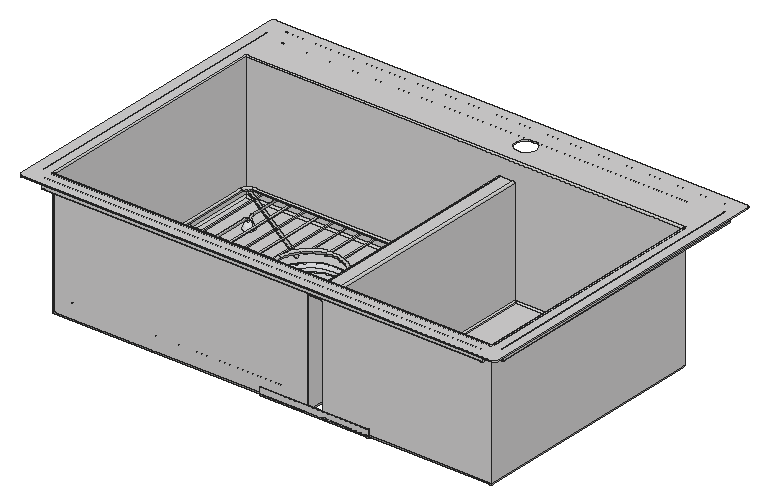
Revit family "Sink-Kitchen-KOHLER-Vault-K-3823_1", category Plumbing Fixtures, host Face, Revit 2015 (continued)
Definition of nested family "K-3823"
  Lines and regions (in)
    sketch lines
      curve 4: line (-15.25, -9.75, 0.0625) -> (-15.25, 7.05, 0.0625)
    symbolic lines, detail levels medium+fine
      curve 5: line (-15.25, 0, 0) -> (15.25, 0, 0)
      curve 6: line (-14.99722, 0, -8.68103) -> (-0.8125, 0, -8.68103)
      curve 7: line (7.0993, 0, -8.99685) -> (11.5247, 0, -8.99685)
      curve 8: line (-8.58777, 0, -8.997) -> (-4.16612, 0, -8.997)
      curve 9: line (6.6875, 0, -8.117) -> (3.452, 0, -8.117)
      curve 10: line (-0.8125, 0, -8.117) -> (-0.8125, 0, -8.74238)
      curve 11: line (-0.8125, 0, -8.74238) -> (0.97708, 0, -8.74238)
      curve 12: line (6.6875, 0, -8.74238) -> (6.6875, 0, -8.117)
      curve 13: line (4.56295, 0, -8.74238) -> (6.6875, 0, -8.74238)
      curve 14: line (6.6875, 0, -8.68103) -> (14.99722, 0, -8.68103)
      curve 15: line (-15.17289, 0, -0.6022) -> (15.17372, 0, -0.6022)
      curve 16: line (15.25, 0, -0.1975) -> (-15.25, 0, -0.1975)
      curve 17: line (0, -0.7097, -8.997) -> (0, 3.7097, -8.997)
      curve 18: line (0, 6.973, -0.6022) -> (0, -9.673, -0.6022)
      curve 19: line (0, -9.75, -0.18003) -> (0, 9.77489, -0.18003)
      curve 20: line (0, 6.92692, -8.63285) -> (0, -9.62989, -8.63285)
      curve 21: circle (9.312, 1.49681, 0) r 2.21216 normal (0, 0, -1)
      curve 22: circle (9.312, 1.49681, 0) r 1.81518 normal (0, 0, -1)
      curve 23: line (10.33898, -0.45681, 0) -> (15.12924, -9.6242, 0)
      curve 24: line (8.28827, -0.45799, 0) -> (3.499, -9.6242, 0)
      curve 25: line (10.92438, 3.01136, 0) -> (15.12924, 6.9375, 0)
      curve 26: line (3.499, 6.9375, 0) -> (7.70008, 3.01185, 0)
      curve 27: line (15.12924, 6.9375, 0) -> (3.499, 6.9375, 0)
      curve 28: line (15.12924, -9.6242, 0) -> (15.12924, 6.9375, 0)
      curve 29: line (3.499, -9.6242, 0) -> (15.12924, -9.6242, 0)
      curve 30: line (3.499, 6.9375, 0) -> (3.499, -9.6242, 0)
      curve 31: line (2.37467, 6.9375, 0) -> (-15.12332, 6.9375, 0)
      curve 32: line (2.37467, -9.62331, 0) -> (2.37467, 6.9375, 0)
      curve 33: line (-15.12332, -9.62331, 0) -> (2.37467, -9.62331, 0)
      curve 34: line (-15.12332, 6.9375, 0) -> (-15.12332, -9.62331, 0)
      curve 35: circle (-6.3755, 1.49681, 0) r 1.81518 normal (0, 0, -1)
      curve 36: line (-14.07543, 6.41981, 0) -> (1.32364, 6.41981, 0)
      curve 37: line (-14.6504, -8.56237, 0) -> (-14.6504, 5.84483, 0)
      curve 38: line (1.32364, -9.13659, 0) -> (-14.07618, -9.13659, 0)
      curve 39: line (1.89786, 5.84559, 0) -> (1.89786, -8.56237, 0)
      curve 40: arc (-14.6504, 5.84483, 0) -> (-14.482, 6.2514, 0) -> (-14.07543, 6.41981, 0) r 0.57498
      curve 41: arc (1.32364, 6.41981, 0) -> (1.72967, 6.25162, 0) -> (1.89786, 5.84559, 0) r 0.57422
      curve 42: arc (1.89786, -8.56237, 0) -> (1.72967, -8.96841, 0) -> (1.32364, -9.13659, 0) r 0.57422
      curve 43: arc (-14.07618, -9.13659, 0) -> (-14.48222, -8.96841, 0) -> (-14.6504, -8.56237, 0) r 0.57422
      curve 44: line (2.08927, 5.84559, 0) -> (2.08927, -8.56237, 0)
      curve 45: arc (1.32364, 6.61121, 0) -> (1.86502, 6.38697, 0) -> (2.08927, 5.84559, 0) r 0.76563
      curve 46: line (-14.07543, 6.61121, 0) -> (1.32364, 6.61121, 0)
      curve 47: arc (-14.84181, 5.84483, 0) -> (-14.61734, 6.38674, 0) -> (-14.07543, 6.61121, 0) r 0.76638
      curve 48: line (-14.84181, -8.56237, 0) -> (-14.84181, 5.84483, 0)
      curve 49: arc (-14.07618, -9.328, 0) -> (-14.61756, -9.10375, 0) -> (-14.84181, -8.56237, 0) r 0.76563
      curve 50: line (1.32364, -9.328, 0) -> (-14.07618, -9.328, 0)
      curve 51: arc (2.08927, -8.56237, 0) -> (1.86502, -9.10375, 0) -> (1.32364, -9.328, 0) r 0.76563
      curve 52: line (1.01952, 6.41981, 0) -> (1.01952, -9.13659, 0)
      curve 53: line (0.9205, -9.13659, 0) -> (0.9205, 6.41981, 0)
      curve 54: line (0.0486, 6.41981, 0) -> (0.0486, 4.34003, 0)
      curve 55: line (-0.05043, -9.13659, 0) -> (-0.05043, -8.5508, 0)
      curve 56: line (-0.92875, 6.41981, 0) -> (-0.92875, -9.13659, 0)
      curve 57: line (-1.02778, -9.13659, 0) -> (-1.02778, 6.41981, 0)
      curve 58: line (-1.91362, 6.41981, 0) -> (-1.91362, -9.13659, 0)
      curve 59: line (-2.01264, -9.13659, 0) -> (-2.01264, 6.41981, 0)
      curve 60: line (-2.88979, 6.41981, 0) -> (-2.88979, -9.13659, 0)
      curve 61: line (-2.98882, -9.13659, 0) -> (-2.98882, 6.41981, 0)
      curve 62: line (-3.87389, 6.41981, 0) -> (-3.87389, -9.13659, 0)
      curve 63: line (-3.97292, -9.13659, 0) -> (-3.97292, 6.41981, 0)
      curve 64: line (-4.85075, 6.41981, 0) -> (-4.85075, 2.97686, 0)
      curve 65: line (-4.94978, -9.13659, 0) -> (-4.94978, -0.07534, 0)
      curve 66: line (-5.83437, 6.41981, 0) -> (-5.83437, 3.55849, 0)
      curve 67: line (-5.93339, -9.13659, 0) -> (-5.93339, -0.58453, 0)
      curve 68: line (-13.76952, 6.41981, 0) -> (-13.76952, -9.13659, 0)
      curve 69: line (-13.6705, -9.13659, 0) -> (-13.6705, 6.41981, 0)
      curve 70: line (-11.82125, 6.41981, 0) -> (-11.82125, -9.13659, 0)
      curve 71: line (-11.72222, -9.13659, 0) -> (-11.72222, 6.41981, 0)
      curve 72: line (-10.83638, 6.41981, 0) -> (-10.83638, -9.13659, 0)
      curve 73: line (-10.73736, -9.13659, 0) -> (-10.73736, 6.41981, 0)
      curve 74: line (-9.86021, 6.41981, 0) -> (-9.86021, -9.13659, 0)
      curve 75: line (-9.76118, -9.13659, 0) -> (-9.76118, 6.41981, 0)
      curve 76: line (-8.87611, 6.41981, 0) -> (-8.87611, -9.13659, 0)
      curve 77: line (-8.77708, -9.13659, 0) -> (-8.77708, 6.41981, 0)
      curve 78: line (-7.90381, 6.41981, 0) -> (-7.90381, 3.00093, 0)
      curve 79: line (-7.80022, -9.13659, 0) -> (-7.80022, -0.10052, 0)
      curve 80: line (-6.85946, 6.41981, 0) -> (-6.85946, 3.57904, 0)
      curve 81: line (-6.82541, -9.13659, 0) -> (-6.82541, -0.58837, 0)
      curve 82: arc (-6.85946, 3.57904, 0) -> (-8.52244, 1.48161, 0) -> (-6.82541, -0.58837, 0) r 2.13228
      curve 83: circle (-6.375, 1.5, 0) r 1.946 normal (0, 0, 1)
      curve 84: line (-4.94978, 3.07342, 0) -> (-4.94978, 6.41981, 0)
      curve 85: line (-5.93339, 3.58261, 0) -> (-5.93339, 6.41981, 0)
      curve 86: line (-7.80022, 3.09858, 0) -> (-7.80022, 6.41981, 0)
      curve 87: line (-4.86048, 0.01117, 0) -> (-4.86048, -9.13659, 0)
      curve 88: line (-5.83437, -0.56041, 0) -> (-5.83437, -9.13659, 0)
      curve 89: arc (-6.82541, -0.58837, 0) -> (-4.2558, 1.51647, 0) -> (-6.85946, 3.57904, 0) r 2.13267
      curve 90: line (-6.91554, -0.56753, 0) -> (-6.91554, -9.13659, 0)
      curve 91: line (-7.90381, -0.00287, 0) -> (-7.90381, -9.13659, 0)
      curve 92: line (-6.91563, 6.41981, 0) -> (-6.91563, 3.56557, 0)
      curve 93: line (-4.53437, 2.55302, 0) -> (-3.97292, 2.9007, 0)
      curve 94: line (1.34908, 6.41924, 0) -> (1.01952, 6.21507, 0)
      curve 95: line (1.89786, 1.61295, 0) -> (1.01952, 1.61295, 0)
      curve 96: line (-4.99169, -0.11263, 0) -> (-4.94978, -0.17248, 0)
      curve 97: line (1.64268, -9.03981, 0) -> (1.01952, -8.22206, 0)
      curve 98: line (0.9205, 6.15373, 0) -> (0.0486, 5.61357, 0)
      curve 99: line (1.01952, 5.99228, 0) -> (1.59758, 6.35025, 0)
      curve 100: line (-0.05043, 5.55222, 0) -> (-0.92875, 5.00809, 0)
      curve 101: line (0.0486, 5.39104, 0) -> (0.9205, 5.93096, 0)
      curve 102: line (-1.02778, 4.94674, 0) -> (-1.91362, 4.39795, 0)
      curve 103: line (-0.92875, 4.78582, 0) -> (-0.05043, 5.32995, 0)
      curve 104: line (-2.01264, 4.3366, 0) -> (-2.88979, 3.79319, 0)
      curve 105: line (-1.91362, 4.17593, 0) -> (-1.02778, 4.72449, 0)
      curve 106: line (-2.98882, 3.73159, 0) -> (-3.87389, 3.18328, 0)
      curve 107: line (-2.88979, 3.57143, 0) -> (-2.01264, 4.11484, 0)
      curve 108: line (-3.97292, 3.12217, 0) -> (-4.63448, 2.71233, 0)
      curve 109: line (-3.87389, 2.96204, 0) -> (-2.98882, 3.51035, 0)
      curve 110: line (0.9205, 1.61295, 0) -> (0.0486, 1.61295, 0)
      curve 111: line (-0.05043, 1.61295, 0) -> (-0.92875, 1.61295, 0)
      curve 112: line (-1.02778, 1.61295, 0) -> (-1.91362, 1.61295, 0)
      curve 113: line (-2.01264, 1.61295, 0) -> (-2.88979, 1.61295, 0)
      curve 114: line (-2.98882, 1.61295, 0) -> (-3.87389, 1.61295, 0)
      curve 115: line (-3.97292, 1.61295, 0) -> (-4.25877, 1.61295, 0)
      curve 116: line (1.89786, 1.38705, 0) -> (1.01952, 1.38705, 0)
      curve 117: line (0.9205, 1.38705, 0) -> (0.0486, 1.38705, 0)
      curve 118: line (-0.05043, 1.38705, 0) -> (-0.92875, 1.38705, 0)
      curve 119: line (-1.02778, 1.38705, 0) -> (-1.91362, 1.38705, 0)
      curve 120: line (-2.01264, 1.38705, 0) -> (-2.88979, 1.38705, 0)
      curve 121: line (-2.98882, 1.38705, 0) -> (-3.87389, 1.38705, 0)
      curve 122: line (-3.97292, 1.38705, 0) -> (-4.25867, 1.38705, 0)
      curve 123: line (-4.86048, -0.28335, 0) -> (-3.97292, -1.43815, 0)
      curve 124: line (-4.94978, -0.38879, 0) -> (-5.09576, -0.19724, 0)
      curve 125: line (-3.87389, -1.56699, 0) -> (-2.98882, -2.71856, 0)
      curve 126: line (-3.97292, -1.67069, 0) -> (-4.86048, -0.50598, 0)
      curve 127: line (-2.88979, -2.84741, 0) -> (-2.01264, -3.98867, 0)
      curve 128: line (-2.98882, -2.95221, 0) -> (-3.87389, -1.80064, 0)
      curve 129: line (-1.91362, -4.10763, 0) -> (-1.02778, -5.27009, 0)
      curve 130: line (-2.01264, -4.24308, 0) -> (-2.88979, -3.09203, 0)
      curve 131: line (-0.92875, -5.38913, 0) -> (-0.05043, -6.54172, 0)
      curve 132: line (-1.02778, -5.5251, 0) -> (-1.91362, -4.36265, 0)
      curve 133: line (0.0486, -6.67056, 0) -> (0.9205, -7.80499, 0)
      curve 134: line (-0.05043, -6.81801, 0) -> (-0.92875, -5.66543, 0)
      curve 135: line (1.01952, -7.93383, 0) -> (1.77522, -8.91707, 0)
      curve 136: line (0.9205, -8.09212, 0) -> (0.0486, -6.94796, 0)
      curve 137: line (-8.23642, 2.56589, 0) -> (-8.77708, 2.9007, 0)
      curve 138: line (-14.0992, 6.41931, 0) -> (-13.76952, 6.21507, 0)
      curve 139: line (-13.6705, 6.15373, 0) -> (-12.7986, 5.61357, 0)
      curve 140: line (-13.76952, 5.99228, 0) -> (-14.3485, 6.35082, 0)
      curve 141: line (-12.69957, 5.55222, 0) -> (-11.82125, 5.00809, 0)
      curve 142: line (-12.7986, 5.39104, 0) -> (-13.6705, 5.93096, 0)
      curve 143: line (-11.72222, 4.94674, 0) -> (-10.83638, 4.39795, 0)
      curve 144: line (-11.82125, 4.78582, 0) -> (-12.69957, 5.32995, 0)
      curve 145: line (-10.73736, 4.3366, 0) -> (-9.86021, 3.79319, 0)
      curve 146: line (-10.83638, 4.17593, 0) -> (-11.72222, 4.72449, 0)
      curve 147: line (-9.76118, 3.73159, 0) -> (-8.87611, 3.18328, 0)
      curve 148: line (-9.86021, 3.57143, 0) -> (-10.73736, 4.11484, 0)
      curve 149: line (-8.77708, 3.12217, 0) -> (-8.13518, 2.7245, 0)
      curve 150: line (-8.87611, 2.96204, 0) -> (-9.76118, 3.51035, 0)
      curve 151: line (-14.6504, 1.61295, 0) -> (-13.76952, 1.61295, 0)
      curve 152: line (-13.6705, 1.61295, 0) -> (-12.7986, 1.61295, 0)
      curve 153: line (-12.69957, 1.61295, 0) -> (-11.82125, 1.61295, 0)
      curve 154: line (-11.72222, 1.61295, 0) -> (-10.83638, 1.61295, 0)
      curve 155: line (-10.73736, 1.61295, 0) -> (-9.86021, 1.61295, 0)
      curve 156: line (-9.76118, 1.61295, 0) -> (-8.87611, 1.61295, 0)
      curve 157: line (-8.77708, 1.61295, 0) -> (-8.51947, 1.61295, 0)
      curve 158: line (-14.6504, 1.38705, 0) -> (-13.76952, 1.38705, 0)
      curve 159: line (-13.6705, 1.38705, 0) -> (-12.7986, 1.38705, 0)
      curve 160: line (-12.69957, 1.38705, 0) -> (-11.82125, 1.38705, 0)
      curve 161: line (-11.72222, 1.38705, 0) -> (-10.83638, 1.38705, 0)
      curve 162: line (-10.73736, 1.38705, 0) -> (-9.86021, 1.38705, 0)
      curve 163: line (-9.76118, 1.38705, 0) -> (-8.87611, 1.38705, 0)
      curve 164: line (-8.77708, 1.38705, 0) -> (-8.51957, 1.38705, 0)
      curve 165: line (-7.76508, -0.13082, 0) -> (-7.80022, -0.17248, 0)
      curve 166: line (-14.39354, -9.04093, 0) -> (-13.76952, -8.22206, 0)
      curve 167: line (-7.90381, -0.30193, 0) -> (-8.77708, -1.43815, 0)
      curve 168: line (-7.80022, -0.38879, 0) -> (-7.66619, -0.20935, 0)
      curve 169: line (-8.87611, -1.56699, 0) -> (-9.76118, -2.71856, 0)
      curve 170: line (-8.77708, -1.67069, 0) -> (-7.90381, -0.52473, 0)
      curve 171: line (-9.86021, -2.84741, 0) -> (-10.73736, -3.98867, 0)
      curve 172: line (-9.76118, -2.95221, 0) -> (-8.87611, -1.80064, 0)
      curve 173: line (-10.83638, -4.10763, 0) -> (-11.72222, -5.27009, 0)
      curve 174: line (-10.73736, -4.24308, 0) -> (-9.86021, -3.09203, 0)
      curve 175: line (-11.72222, -5.5251, 0) -> (-10.83638, -4.36265, 0)
      curve 176: line (-12.7986, -6.67056, 0) -> (-13.6705, -7.80499, 0)
      curve 177: line (-12.69957, -6.81801, 0) -> (-11.82125, -5.66543, 0)
      curve 178: line (-13.76952, -7.93383, 0) -> (-14.52647, -8.9187, 0)
      curve 179: line (-13.6705, -8.09212, 0) -> (-12.7986, -6.94796, 0)
      curve 180: line (1.89786, 1.61295, 0) -> (1.01952, 1.61295, 0)
      curve 181: line (0.9205, 1.61295, 0) -> (0.0486, 1.61295, 0)
      curve 182: line (-0.05043, 1.61295, 0) -> (-0.92875, 1.61295, 0)
      curve 183: line (-1.02778, 1.61295, 0) -> (-1.91362, 1.61295, 0)
      curve 184: line (-2.01264, 1.61295, 0) -> (-2.88979, 1.61295, 0)
      curve 185: line (-2.98882, 1.61295, 0) -> (-3.87389, 1.61295, 0)
      curve 186: line (-3.97292, 1.61295, 0) -> (-4.25877, 1.61295, 0)
      curve 187: line (1.89786, 1.38705, 0) -> (1.01952, 1.38705, 0)
      curve 188: line (0.9205, 1.38705, 0) -> (0.0486, 1.38705, 0)
      curve 189: line (-0.05043, 1.38705, 0) -> (-0.92875, 1.38705, 0)
      curve 190: line (-1.02778, 1.38705, 0) -> (-1.91362, 1.38705, 0)
      curve 191: line (-2.01264, 1.38705, 0) -> (-2.88979, 1.38705, 0)
      curve 192: line (-2.98882, 1.38705, 0) -> (-3.87389, 1.38705, 0)
      curve 193: line (-3.97292, 1.38705, 0) -> (-4.25867, 1.38705, 0)
      curve 194: arc (-0.05043, 4.58768, 0) -> (-0.36469, 4.22649, 0) -> (-0.05043, 3.8653, 0) r 0.36469
      curve 195: arc (0.0486, 3.86505, 0) -> (0.36469, 4.22649, 0) -> (0.0486, 4.58793, 0) r 0.36469
      curve 196: arc (-0.05043, -8.07607, 0) -> (-0.36469, -8.43726, 0) -> (-0.05043, -8.79845, 0) r 0.36469
      curve 197: arc (0.0486, -8.7987, 0) -> (0.36469, -8.43726, 0) -> (0.0486, -8.07582, 0) r 0.36469
      curve 198: arc (-12.7986, -8.07582, 0) -> (-13.11469, -8.43726, 0) -> (-12.7986, -8.7987, 0) r 0.36469
      curve 199: arc (-12.69957, -8.79845, 0) -> (-12.38531, -8.43726, 0) -> (-12.69957, -8.07607, 0) r 0.36469
      curve 200: circle (-6.375, 1.5, 0) r 0.29097 normal (0, 0, 1)
      curve 201: circle (9.3125, 1.5, 0) r 0.29097 normal (0, 0, 1)
      curve 202: arc (-12.69957, 4.58768, 0) -> (-12.38531, 4.22649, 0) -> (-12.69957, 3.8653, 0) r 0.36469
      curve 203: arc (-12.7986, 3.86505, 0) -> (-13.11469, 4.22649, 0) -> (-12.7986, 4.58793, 0) r 0.36469
      curve 204: line (0, -10.405, 0) -> (0, -10.27, 0)
      curve 205: line (0, -9.75, 0) -> (0, 9.77489, 0)
      curve 206: line (0, 10.27, 0) -> (0, 10.405, 0)
      curve 207: line (10.6288, 0, -10.63424) -> (7.9952, 0, -10.63424)
      curve 208: line (11.32538, 0, -9.25) -> (7.29862, 0, -9.25)
      curve 209: line (-5.0582, 0, -10.63424) -> (-7.6918, 0, -10.63424)
      curve 210: line (-4.36162, 0, -9.25) -> (-8.38838, 0, -9.25)
      curve 211: line (0, 3.51338, -9.25) -> (0, -0.51338, -9.25)
      curve 212: line (0, 2.8168, -10.63424) -> (0, 0.1832, -10.63424)
      curve 213: circle (2.9375, 8.5625, 0) r 0.71875 normal (0, 0, 1)
      curve 219: arc (-0.05043, 4.11295, 0) -> (-0.00091, 4.16247, 0) -> (0.0486, 4.11295, 0) r 0.04951
      curve 220: arc (-0.05043, 4.34003, 0) -> (-0.00091, 4.29051, 0) -> (0.0486, 4.34003, 0) r 0.04951
      curve 221: line (0.0486, 4.11295, 0) -> (0.0486, -8.32372, 0)
      curve 222: line (-0.05043, 4.34003, 0) -> (-0.05043, 6.41981, 0)
      curve 223: arc (-0.05043, -8.5508, 0) -> (-0.00091, -8.50128, 0) -> (0.0486, -8.5508, 0) r 0.04951
      curve 224: arc (-0.05043, -8.32372, 0) -> (-0.00091, -8.37324, 0) -> (0.0486, -8.32372, 0) r 0.04951
      curve 225: line (0.0486, -8.5508, 0) -> (0.0486, -9.13659, 0)
      curve 226: line (-0.05043, -8.32372, 0) -> (-0.05043, 4.11295, 0)
      curve 227: line (-12.7986, 6.41981, 0) -> (-12.7986, 4.34003, 0)
      curve 228: line (-12.69957, -9.13659, 0) -> (-12.69957, -8.5508, 0)
      curve 229: arc (-12.69957, 4.11295, 0) -> (-12.74909, 4.16247, 0) -> (-12.7986, 4.11295, 0) r 0.04951
      curve 230: arc (-12.69957, 4.34003, 0) -> (-12.74909, 4.29051, 0) -> (-12.7986, 4.34003, 0) r 0.04951
      curve 231: line (-12.7986, 4.11295, 0) -> (-12.7986, -8.32372, 0)
      curve 232: line (-12.69957, 4.34003, 0) -> (-12.69957, 6.41981, 0)
      curve 233: arc (-12.69957, -8.5508, 0) -> (-12.74909, -8.50128, 0) -> (-12.7986, -8.5508, 0) r 0.04951
      curve 234: arc (-12.69957, -8.32372, 0) -> (-12.74909, -8.37324, 0) -> (-12.7986, -8.32372, 0) r 0.04951
      curve 235: line (-12.7986, -8.5508, 0) -> (-12.7986, -9.13659, 0)
      curve 236: line (-12.69957, -8.32372, 0) -> (-12.69957, 4.11295, 0)
      curve 237: line (2.423, 0, -8.117) -> (-0.8125, 0, -8.117)
      curve 238: line (-15.25, 0, -0.54376) -> (15.25, 0, -0.54376)
      curve 239: line (-15.90636, 0, 0) -> (-15.76814, 0, 0)
      curve 240: line (15.76814, 0, 0) -> (15.90636, 0, 0)
      curve 241: line (0, 9.77489, -0.5438) -> (0, -9.75, -0.5438)
      curve 242: circle (8.0316, 1.5, 0) r 0.09468 normal (0, 0, 1)
      curve 243: circle (8.06324, 1.78428, 0) r 0.09468 normal (0, 0, 1)
      curve 244: circle (8.15824, 2.05511, 0) r 0.09468 normal (0, 0, 1)
      curve 245: circle (8.3102, 2.29886, 0) r 0.09468 normal (0, 0, 1)
      curve 246: circle (8.5138, 2.50126, 0) r 0.09468 normal (0, 0, 1)
      curve 247: circle (8.75656, 2.65306, 0) r 0.09468 normal (0, 0, 1)
      curve 248: circle (9.02701, 2.74692, 0) r 0.09468 normal (0, 0, 1)
      curve 249: circle (9.3125, 2.78124, 0) r 0.09468 normal (0, 0, 1)
      curve 250: circle (9.31295, 2.45297, 0) r 0.09468 normal (0, 0, 1)
      curve 251: circle (9.01878, 2.40967, 0) r 0.09468 normal (0, 0, 1)
      curve 252: circle (8.75252, 2.26997, 0) r 0.09468 normal (0, 0, 1)
      curve 253: circle (8.54113, 2.05858, 0) r 0.09468 normal (0, 0, 1)
      curve 254: circle (8.40623, 1.79458, 0) r 0.09468 normal (0, 0, 1)
      curve 255: circle (8.35906, 1.50105, 0) r 0.09468 normal (0, 0, 1)
      curve 256: circle (8.68121, 1.5, 0) r 0.09468 normal (0, 0, 1)
      curve 257: circle (8.77001, 1.81262, 0) r 0.09468 normal (0, 0, 1)
      curve 258: circle (8.99919, 2.04075, 0) r 0.09468 normal (0, 0, 1)
      curve 259: circle (9.31216, 2.12509, 0) r 0.09468 normal (0, 0, 1)
      curve 260: circle (10.59271, 1.5, 0) r 0.09468 normal (0, 0, -1)
      curve 261: circle (10.56108, 1.78428, 0) r 0.09468 normal (0, 0, -1)
      curve 262: circle (10.46608, 2.05511, 0) r 0.09468 normal (0, 0, -1)
      curve 263: circle (10.31412, 2.29886, 0) r 0.09468 normal (0, 0, -1)
      curve 264: circle (10.11052, 2.50126, 0) r 0.09468 normal (0, 0, -1)
      curve 265: circle (9.86776, 2.65306, 0) r 0.09468 normal (0, 0, -1)
      curve 266: circle (9.5973, 2.74692, 0) r 0.09468 normal (0, 0, -1)
      curve 267: circle (9.60554, 2.40967, 0) r 0.09468 normal (0, 0, -1)
      curve 268: circle (9.87179, 2.26997, 0) r 0.09468 normal (0, 0, -1)
      curve 269: circle (10.08319, 2.05858, 0) r 0.09468 normal (0, 0, -1)
      curve 270: circle (10.21808, 1.79458, 0) r 0.09468 normal (0, 0, -1)
      curve 271: circle (10.26525, 1.50105, 0) r 0.09468 normal (0, 0, -1)
      curve 272: circle (9.9431, 1.5, 0) r 0.09468 normal (0, 0, -1)
      curve 273: circle (9.8543, 1.81262, 0) r 0.09468 normal (0, 0, -1)
      curve 274: circle (9.62512, 2.04075, 0) r 0.09468 normal (0, 0, -1)
      curve 275: circle (8.06324, 1.21572, 0) r 0.09468 normal (0, 0, -1)
      curve 276: circle (8.15824, 0.94489, 0) r 0.09468 normal (0, 0, -1)
      curve 277: circle (8.3102, 0.70114, 0) r 0.09468 normal (0, 0, -1)
      curve 278: circle (8.5138, 0.49874, 0) r 0.09468 normal (0, 0, -1)
      curve 279: circle (8.75656, 0.34694, 0) r 0.09468 normal (0, 0, -1)
      curve 280: circle (9.02701, 0.25308, 0) r 0.09468 normal (0, 0, -1)
      curve 281: circle (9.3125, 0.21876, 0) r 0.09468 normal (0, 0, -1)
      curve 282: circle (9.31295, 0.54703, 0) r 0.09468 normal (0, 0, -1)
      curve 283: circle (9.01878, 0.59033, 0) r 0.09468 normal (0, 0, -1)
      curve 284: circle (8.75252, 0.73003, 0) r 0.09468 normal (0, 0, -1)
      curve 285: circle (8.54113, 0.94142, 0) r 0.09468 normal (0, 0, -1)
      curve 286: circle (8.40623, 1.20542, 0) r 0.09468 normal (0, 0, -1)
      curve 287: circle (8.77001, 1.18738, 0) r 0.09468 normal (0, 0, -1)
      curve 288: circle (8.99919, 0.95925, 0) r 0.09468 normal (0, 0, -1)
      curve 289: circle (9.31216, 0.87491, 0) r 0.09468 normal (0, 0, -1)
      curve 290: circle (10.56108, 1.21572, 0) r 0.09468 normal (0, 0, 1)
      curve 291: circle (10.46608, 0.94489, 0) r 0.09468 normal (0, 0, 1)
      curve 292: circle (10.31412, 0.70114, 0) r 0.09468 normal (0, 0, 1)
      curve 293: circle (10.11052, 0.49874, 0) r 0.09468 normal (0, 0, 1)
      curve 294: circle (9.86776, 0.34694, 0) r 0.09468 normal (0, 0, 1)
      curve 295: circle (9.5973, 0.25308, 0) r 0.09468 normal (0, 0, 1)
      curve 296: circle (9.60554, 0.59033, 0) r 0.09468 normal (0, 0, 1)
      curve 297: circle (9.87179, 0.73003, 0) r 0.09468 normal (0, 0, 1)
      curve 298: circle (10.08319, 0.94142, 0) r 0.09468 normal (0, 0, 1)
      curve 299: circle (10.21808, 1.20542, 0) r 0.09468 normal (0, 0, 1)
      curve 300: circle (9.8543, 1.18738, 0) r 0.09468 normal (0, 0, 1)
      curve 301: circle (9.62512, 0.95925, 0) r 0.09468 normal (0, 0, 1)
      curve 302: circle (-7.6559, 1.5, 0) r 0.09468 normal (0, 0, 1)
      curve 303: circle (-7.62426, 1.78428, 0) r 0.09468 normal (0, 0, 1)
      curve 304: circle (-7.52926, 2.05511, 0) r 0.09468 normal (0, 0, 1)
      curve 305: circle (-7.3773, 2.29886, 0) r 0.09468 normal (0, 0, 1)
      curve 306: circle (-7.1737, 2.50126, 0) r 0.09468 normal (0, 0, 1)
      curve 307: circle (-6.93094, 2.65306, 0) r 0.09468 normal (0, 0, 1)
      curve 308: circle (-6.66049, 2.74692, 0) r 0.09468 normal (0, 0, 1)
      curve 309: circle (-6.375, 2.78124, 0) r 0.09468 normal (0, 0, 1)
      curve 310: circle (-6.37455, 2.45297, 0) r 0.09468 normal (0, 0, 1)
      curve 311: circle (-6.66872, 2.40967, 0) r 0.09468 normal (0, 0, 1)
      curve 312: circle (-6.93498, 2.26997, 0) r 0.09468 normal (0, 0, 1)
      curve 313: circle (-7.14637, 2.05858, 0) r 0.09468 normal (0, 0, 1)
      curve 314: circle (-7.28127, 1.79458, 0) r 0.09468 normal (0, 0, 1)
      curve 315: circle (-7.32844, 1.50105, 0) r 0.09468 normal (0, 0, 1)
      curve 316: circle (-7.00629, 1.5, 0) r 0.09468 normal (0, 0, 1)
      curve 317: circle (-6.91749, 1.81262, 0) r 0.09468 normal (0, 0, 1)
      curve 318: circle (-6.68831, 2.04075, 0) r 0.09468 normal (0, 0, 1)
      curve 319: circle (-6.37534, 2.12509, 0) r 0.09468 normal (0, 0, 1)
      curve 320: circle (-5.09479, 1.5, 0) r 0.09468 normal (0, 0, -1)
      curve 321: circle (-5.12642, 1.78428, 0) r 0.09468 normal (0, 0, -1)
      curve 322: circle (-5.22142, 2.05511, 0) r 0.09468 normal (0, 0, -1)
      curve 323: circle (-5.37338, 2.29886, 0) r 0.09468 normal (0, 0, -1)
      curve 324: circle (-5.57698, 2.50126, 0) r 0.09468 normal (0, 0, -1)
      curve 325: circle (-5.81974, 2.65306, 0) r 0.09468 normal (0, 0, -1)
      curve 326: circle (-6.0902, 2.74692, 0) r 0.09468 normal (0, 0, -1)
      curve 327: circle (-6.08196, 2.40967, 0) r 0.09468 normal (0, 0, -1)
      curve 328: circle (-5.81571, 2.26997, 0) r 0.09468 normal (0, 0, -1)
      curve 329: circle (-5.60431, 2.05858, 0) r 0.09468 normal (0, 0, -1)
      curve 330: circle (-5.46942, 1.79458, 0) r 0.09468 normal (0, 0, -1)
      curve 331: circle (-5.42225, 1.50105, 0) r 0.09468 normal (0, 0, -1)
      curve 332: circle (-5.7444, 1.5, 0) r 0.09468 normal (0, 0, -1)
      curve 333: circle (-5.8332, 1.81262, 0) r 0.09468 normal (0, 0, -1)
      curve 334: circle (-6.06238, 2.04075, 0) r 0.09468 normal (0, 0, -1)
      curve 335: circle (-7.62426, 1.21572, 0) r 0.09468 normal (0, 0, -1)
      curve 336: circle (-7.52926, 0.94489, 0) r 0.09468 normal (0, 0, -1)
      curve 337: circle (-7.3773, 0.70114, 0) r 0.09468 normal (0, 0, -1)
      curve 338: circle (-7.1737, 0.49874, 0) r 0.09468 normal (0, 0, -1)
      curve 339: circle (-6.93094, 0.34694, 0) r 0.09468 normal (0, 0, -1)
      curve 340: circle (-6.66049, 0.25308, 0) r 0.09468 normal (0, 0, -1)
      curve 341: circle (-6.375, 0.21876, 0) r 0.09468 normal (0, 0, -1)
      curve 342: circle (-6.37455, 0.54703, 0) r 0.09468 normal (0, 0, -1)
      curve 343: circle (-6.66872, 0.59033, 0) r 0.09468 normal (0, 0, -1)
      curve 344: circle (-6.93498, 0.73003, 0) r 0.09468 normal (0, 0, -1)
      curve 345: circle (-7.14637, 0.94142, 0) r 0.09468 normal (0, 0, -1)
      curve 346: circle (-7.28127, 1.20542, 0) r 0.09468 normal (0, 0, -1)
      curve 347: circle (-6.91749, 1.18738, 0) r 0.09468 normal (0, 0, -1)
      curve 348: circle (-6.68831, 0.95925, 0) r 0.09468 normal (0, 0, -1)
      curve 349: circle (-6.37534, 0.87491, 0) r 0.09468 normal (0, 0, -1)
      curve 350: circle (-5.12642, 1.21572, 0) r 0.09468 normal (0, 0, 1)
      curve 351: circle (-5.22142, 0.94489, 0) r 0.09468 normal (0, 0, 1)
      curve 352: circle (-5.37338, 0.70114, 0) r 0.09468 normal (0, 0, 1)
      curve 353: circle (-5.57698, 0.49874, 0) r 0.09468 normal (0, 0, 1)
      curve 354: circle (-5.81974, 0.34694, 0) r 0.09468 normal (0, 0, 1)
      curve 355: circle (-6.0902, 0.25308, 0) r 0.09468 normal (0, 0, 1)
      curve 356: circle (-6.08196, 0.59033, 0) r 0.09468 normal (0, 0, 1)
      curve 357: circle (-5.81571, 0.73003, 0) r 0.09468 normal (0, 0, 1)
      curve 358: circle (-5.60431, 0.94142, 0) r 0.09468 normal (0, 0, 1)
      curve 359: circle (-5.46942, 1.20542, 0) r 0.09468 normal (0, 0, 1)
      curve 360: circle (-5.8332, 1.18738, 0) r 0.09468 normal (0, 0, 1)
      curve 361: circle (-6.06238, 0.95925, 0) r 0.09468 normal (0, 0, 1)
      curve 362: line (0, 6.973, -8.117) -> (0, 6.973, -8.51125)
      curve 363: line (0, 6.41759, -8.73484) -> (0, 6.80869, -8.69373)
      curve 364: line (0, -9.11539, -8.69415) -> (0, -9.52559, -8.67926)
      curve 365: line (0, -9.673, -8.117) -> (0, -9.673, -8.5264)
      curve 366: arc (0, -9.52559, -8.67926) -> (0, -9.63014, -8.63258) -> (0, -9.673, -8.5264) r 0.15296
      curve 367: arc (0, 6.80869, -8.69373) -> (0, 6.92587, -8.63402) -> (0, 6.973, -8.51125) r 0.18348
    symbolic lines, built-in parameter 1006206 <- "4 Faucet Hole", visible <- "4 Faucet Hole", detail levels medium+fine
      curve 214: circle (13.4375, 8.5625, 0) r 0.71875 normal (0, 0, 1)
    symbolic lines, visible <- "3 Faucet Hole", detail levels medium+fine
      curve 215: circle (6.9375, 8.5625, 0) r 0.71875 normal (0, 0, 1)
      curve 216: circle (-1.09752, 8.5625, 0) r 0.71875 normal (0, 0, 1)
    symbolic lines, visible <- "4 Faucet Hole", detail levels medium+fine
      curve 217: circle (6.9375, 8.5625, 0) r 0.71875 normal (0, 0, 1)
      curve 218: circle (-1.09752, 8.5625, 0) r 0.71875 normal (0, 0, 1)
  Dimensions and locks (in)
    plane 4 to plane 5 = 33"
    plane 7 to plane 5 = 13 9/16"
    plane 4 to plane 7 = 19 7/16"
    plane 8 to plane 9 = 4 1/16"
    plane 8 to plane 11 = 9 1/2"
    plane 8 to plane 12 = 2 7/16"
    plane 7 to plane 13 = 6 3/8"
    plane 14 to plane 7 = 9 5/16"
    plane 6 to level = 1/16"
    plane 6 to plane 21 = 9 5/16"
    plane 21 to plane 22 = 2.68722"
    "Dist 1": plane 12 to plane 20
    "Dist 2": plane 19 to plane 12
    aligned and locked: plane 2 to level
    aligned and locked: plane 20 to Extrusion 27 sketch curve  (x2)
    aligned and locked: plane 19 to Extrusion 28 sketch curve
    aligned and locked: curve 15 to plane 18
  Automatic sketch dimensions
    curve 239 to level = 0"
    curve 5 to level = 0"
    curve 210 to plane 21 = 0"
    curve 208 to plane 21 = 0"
    curve 240 to level = 0"
    curve 237 to plane 16 = 1/4"
    curve 13 to plane 15 = 1/4"
    plane 21 to curve 11 = 0.50762"
    plane 21 to curve 12 = 0.50762"
    curve 10 to curve 237 = 0.62538"
    curve 12 to curve 9 = 0.62538"
    plane 21 to curve 8 = 0.253"
    plane 14 to curve 8 = 2.20888"
    curve 210 to curve 8 = 0.1955"
    plane 14 to curve 209 = 1.3168"
    curve 209 to plane 14 = 1.3168"
    curve 210 to curve 209 = 0.69658"
    curve 8 to curve 210 = 0.19939"
    plane 21 to curve 6 = 0.56897"
    plane 4 to curve 6 = 1.50278"
    plane 4 to curve 15 = 1.32711"
    curve 5 to curve 15 = 0.07711"
    curve 5 to curve 16 = 0"  (x2)
    curve 238 to curve 15 = 0.07711"
    curve 239 to curve 5 = 0.51814"
    curve 239 to curve 239 = 0.13822"
    plane 3 "Center (Left/Right)" to curve 11 = 0.97708"
    curve 237 to plane 7 = 0.5145"
    plane 7 to curve 9 = 0.5145"
    curve 9 to curve 13 = 1.11095"
    plane 15 to curve 7 = 0.1618"
    curve 7 to curve 208 = 0.19932"
    plane 15 to curve 207 = 1.0577"
    plane 13 to curve 207 = 1.3163"
    curve 207 to curve 208 = 0.69658"
    curve 208 to curve 7 = 0.19932"
    plane 21 to curve 14 = 0.56897"
    plane 5 to curve 14 = 1.50278"
    plane 5 to curve 15 = 1.32628"
    curve 15 to curve 238 = 0.07628"
    curve 5 to curve 238 = 0"
    curve 5 to curve 240 = 0.51814"
    curve 240 to curve 240 = 0.13822"
    plane 22 to curve 209 = 1.30299"
    plane 22 to curve 207 = 1.30299"
    plane 21 to curve 7 = 0.25315"
    plane 18 to curve 238 = 0.05844"
    curve 16 to level = 0.1975"
    Extrusion 1 sketch curve to plane 4 = 0"
    Extrusion 1 sketch curve to plane 8 = 0"
    plane 10 to Extrusion 1 sketch curve = 0"
    Extrusion 1 sketch curve to plane 5 = 0"
    plane 4 to Extrusion 1 sketch curve = 1/4"  (x2)
    plane 4 to Extrusion 1 sketch curve = 1.18392"
    plane 9 to Extrusion 1 sketch curve = 0.17858"
    plane 5 to Extrusion 1 sketch curve = 1.18392"
    plane 5 to Extrusion 1 sketch curve = 1/4"  (x2)
    Extrusion 1 sketch curve to plane 10 = 1.18392"
    Extrusion 2 sketch curve to level = 0"  (x2)
    Extrusion 2 sketch curve to plane 10 = 0.45"
    Extrusion 2 sketch curve to level = 0.18296"  (x2)
    Extrusion 2 sketch curve to Extrusion 2 sketch curve = 0.00841"
    Extrusion 2 sketch curve to Extrusion 2 sketch curve = 0.03"  (x7)
    Extrusion 2 sketch curve to level = 0.19066"  (x2)
    Extrusion 2 sketch curve to Extrusion 2 sketch curve = 0.03019"  (x2)
    Extrusion 2 sketch curve to Extrusion 2 sketch curve = 0.02582"
    Extrusion 2 sketch curve to Extrusion 2 sketch curve = 0.00043"  (x3)
    Extrusion 2 sketch curve to Extrusion 2 sketch curve = 0.02442"
    Extrusion 2 sketch curve to Extrusion 2 sketch curve = 0.03139"  (x2)
    Extrusion 2 sketch curve to level = 0.02705"  (x4)
    Extrusion 2 sketch curve to Extrusion 2 sketch curve = 0.05961"
    Extrusion 2 sketch curve to level = 0.04674"  (x2)
    Extrusion 2 sketch curve to Extrusion 2 sketch curve = 0.02328"  (x2)
    Extrusion 2 sketch curve to Extrusion 2 sketch curve = 0.02351"  (x2)
    Extrusion 2 sketch curve to Extrusion 2 sketch curve = 0.00544"  (x2)
    Extrusion 2 sketch curve to level = 0.03"  (x2)
    Extrusion 2 sketch curve to Extrusion 2 sketch curve = 0.12311"  (x2)
    Extrusion 2 sketch curve to Extrusion 2 sketch curve = 0.00645"  (x2)
    Extrusion 2 sketch curve to level = 0.04761"  (x2)
    Extrusion 2 sketch curve to Extrusion 2 sketch curve = 0.02402"  (x2)
    Extrusion 2 sketch curve to Extrusion 2 sketch curve = 0.2"
    Extrusion 2 sketch curve to Extrusion 2 sketch curve = 0.02278"  (x2)
    Extrusion 2 sketch curve to Extrusion 2 sketch curve = 0.02"
    Extrusion 2 sketch curve to Extrusion 2 sketch curve = 0.03141"
    Extrusion 2 sketch curve to Extrusion 2 sketch curve = 0.02481"
    Extrusion 2 sketch curve to level = 0.1911"  (x2)
    Extrusion 2 sketch curve to Extrusion 2 sketch curve = 0.02416"
    Extrusion 2 sketch curve to Extrusion 2 sketch curve = 0.00834"  (x2)
    Extrusion 2 sketch curve to level = 0.18308"  (x2)
    Extrusion 2 sketch curve to level = 0.21427"
    Extrusion 2 sketch curve to plane 8 = 7/8"
    Extrusion 2 sketch curve to Extrusion 2 sketch curve = 0.02586"
    Extrusion 2 sketch curve to Extrusion 2 sketch curve = 0.0014"
    Extrusion 2 sketch curve to Extrusion 2 sketch curve = 0.02383"
    Extrusion 2 sketch curve to Extrusion 2 sketch curve = 0.05987"
    Extrusion 2 sketch curve to Extrusion 2 sketch curve = 0.03242"
    Extrusion 2 sketch curve to Extrusion 2 sketch curve = 0.19899"
    Extrusion 2 sketch curve to Extrusion 2 sketch curve = 0.0181"
    Extrusion 2 sketch curve to Extrusion 2 sketch curve = 0.03085"
    Extrusion 2 sketch curve to Extrusion 2 sketch curve = 0.0254"
    Extrusion 2 sketch curve to Extrusion 2 sketch curve = 0.00859"
    Extrusion 2 sketch curve to Extrusion 2 sketch curve = 0.16271"  (x2)
    Extrusion 2 sketch curve to Extrusion 2 sketch curve = 0.1622"  (x2)
    plane 18 to Extrusion 2 sketch curve = 0.05844"  (x4)
    Extrusion 2 sketch curve to Extrusion 2 sketch curve = 0"  (x8)
    Extrusion 2 sketch curve to Extrusion 2 sketch curve = 0.0019"
    Extrusion 2 sketch curve to Extrusion 2 sketch curve = 0.00548"  (x2)
    Extrusion 3 sketch curve to level = 0"
    Extrusion 3 sketch curve to level = 0.21779"
    plane 5 to Extrusion 3 sketch curve = 7/8"
    Extrusion 3 sketch curve to level = 0.18003"
    Extrusion 3 sketch curve to Extrusion 3 sketch curve = 0.0101"
    Extrusion 3 sketch curve to Extrusion 3 sketch curve = 0.03"
    Extrusion 3 sketch curve to level = 0.1911"
    Extrusion 3 sketch curve to Extrusion 3 sketch curve = 0.02824"
    Extrusion 3 sketch curve to Extrusion 3 sketch curve = 0.02625"
    Extrusion 3 sketch curve to Extrusion 3 sketch curve = 0.00247"  (x2)
    Extrusion 3 sketch curve to Extrusion 3 sketch curve = 0.01685"
    Extrusion 3 sketch curve to level = 0.02544"
    Extrusion 3 sketch curve to Extrusion 3 sketch curve = 0.06079"
    Extrusion 3 sketch curve to level = 0.04572"
    Extrusion 3 sketch curve to Extrusion 3 sketch curve = 0.02294"
    Extrusion 3 sketch curve to Extrusion 3 sketch curve = 0.02106"
    Extrusion 3 sketch curve to Extrusion 3 sketch curve = 0.00612"
    Extrusion 3 sketch curve to level = 0.06014"
    Extrusion 3 sketch curve to Extrusion 3 sketch curve = 0.12719"
    Extrusion 3 sketch curve to Extrusion 3 sketch curve = 0.00491"
    Extrusion 3 sketch curve to level = 0.0451"
    Extrusion 3 sketch curve to Extrusion 3 sketch curve = 0.02121"
    Extrusion 3 sketch curve to Extrusion 3 sketch curve = 0.19014"
    Extrusion 3 sketch curve to level = 0.02587"
    Extrusion 3 sketch curve to Extrusion 3 sketch curve = 0.02355"
    Extrusion 3 sketch curve to Extrusion 3 sketch curve = 0.02665"
    Extrusion 3 sketch curve to Extrusion 3 sketch curve = 0.03493"
    Extrusion 3 sketch curve to Extrusion 3 sketch curve = 0.01656"
    Extrusion 3 sketch curve to Extrusion 3 sketch curve = 0.02378"
    Extrusion 3 sketch curve to level = 0.1915"
    Extrusion 3 sketch curve to Extrusion 3 sketch curve = 0.00811"
    Extrusion 3 sketch curve to level = 0.18036"
    Extrusion 3 sketch curve to Extrusion 3 sketch curve = 0.02821"
    Extrusion 3 sketch curve to Extrusion 3 sketch curve = 0.16271"
    Extrusion 3 sketch curve to Extrusion 3 sketch curve = 0.16317"
    plane 18 to Extrusion 3 sketch curve = 0.05844"  (x2)
    Extrusion 3 sketch curve to Extrusion 3 sketch curve = 0"  (x2)
    Extrusion 4 sketch curve to level = 0"
    level to Extrusion 4 sketch curve = 0.21779"
    Extrusion 4 sketch curve to plane 4 = 7/8"
    level to Extrusion 4 sketch curve = 0.18003"
    Extrusion 4 sketch curve to Extrusion 4 sketch curve = 0.0101"
    Extrusion 4 sketch curve to Extrusion 4 sketch curve = 0.03"
    level to Extrusion 4 sketch curve = 0.1911"
    Extrusion 4 sketch curve to Extrusion 4 sketch curve = 0.02824"
    Extrusion 4 sketch curve to Extrusion 4 sketch curve = 0.02625"
    Extrusion 4 sketch curve to Extrusion 4 sketch curve = 0.00247"  (x2)
    Extrusion 4 sketch curve to Extrusion 4 sketch curve = 0.01685"
    level to Extrusion 4 sketch curve = 0.02544"
    Extrusion 4 sketch curve to Extrusion 4 sketch curve = 0.06079"
    level to Extrusion 4 sketch curve = 0.04572"
    Extrusion 4 sketch curve to Extrusion 4 sketch curve = 0.02294"
    Extrusion 4 sketch curve to Extrusion 4 sketch curve = 0.02106"
    Extrusion 4 sketch curve to Extrusion 4 sketch curve = 0.00612"
    level to Extrusion 4 sketch curve = 0.06014"
    Extrusion 4 sketch curve to Extrusion 4 sketch curve = 0.12719"
    Extrusion 4 sketch curve to Extrusion 4 sketch curve = 0.00491"
    level to Extrusion 4 sketch curve = 0.0451"
    Extrusion 4 sketch curve to Extrusion 4 sketch curve = 0.02121"
    Extrusion 4 sketch curve to Extrusion 4 sketch curve = 0.19014"
    level to Extrusion 4 sketch curve = 0.02587"
    Extrusion 4 sketch curve to Extrusion 4 sketch curve = 0.02355"
    Extrusion 4 sketch curve to Extrusion 4 sketch curve = 0.02665"
    Extrusion 4 sketch curve to Extrusion 4 sketch curve = 0.03493"
    Extrusion 4 sketch curve to Extrusion 4 sketch curve = 0.01656"
    Extrusion 4 sketch curve to Extrusion 4 sketch curve = 0.02378"
    level to Extrusion 4 sketch curve = 0.1915"
    Extrusion 4 sketch curve to Extrusion 4 sketch curve = 0.00811"
    level to Extrusion 4 sketch curve = 0.18036"
    Extrusion 4 sketch curve to Extrusion 4 sketch curve = 0.02821"
    Extrusion 4 sketch curve to Extrusion 4 sketch curve = 0.16271"
    Extrusion 4 sketch curve to Extrusion 4 sketch curve = 0.16317"
    Extrusion 4 sketch curve to plane 18 = 0.05844"  (x2)
    Extrusion 4 sketch curve to Extrusion 4 sketch curve = 0"
    Extrusion 4 sketch curve to Extrusion 4 sketch curve = 0.00004"
    Sweep 5 sketch curve to profile plane = 0"
    profile plane to Sweep 5 sketch curve = 0.28386"
    Sweep 5 sketch curve to Sweep 5 sketch curve = 0.03322"
    Sweep 5 sketch curve to Sweep 5 sketch curve = 0.00687"
    Sweep 5 sketch curve to Sweep 5 sketch curve = 0.11876"
    Sweep 5 sketch curve to Sweep 5 sketch curve = 0.048"
    profile plane to Sweep 5 sketch curve = 0.03115"
    profile plane to Sweep 5 sketch curve = 0.00865"
    Sweep 5 sketch curve to profile plane = 0.06608"
    Sweep 5 sketch curve to Sweep 5 sketch curve = 0.037"
    Sweep 5 sketch curve to Sweep 5 sketch curve = 8.43903"
    Sweep 5 sketch curve to Sweep 5 sketch curve = 0.0067"
    plane 21 to Extrusion 6 sketch curve = 0.20492"
    Extrusion 6 sketch curve to plane 7 = 0.5145"
    Extrusion 6 sketch curve to Extrusion 6 sketch curve = 5/64"
    plane 7 to Extrusion 6 sketch curve = 0.43817"
    plane 7 to Extrusion 6 sketch curve = 0.5145"
    Extrusion 6 sketch curve to plane 18 = 0.72594"
    Extrusion 7 sketch curve to plane 7 = 0.68807"
    Extrusion 7 sketch curve to Extrusion 7 sketch curve = 0.00604"
    Extrusion 7 sketch curve to Extrusion 7 sketch curve = 0.00794"  (x2)
    Extrusion 7 sketch curve to Extrusion 7 sketch curve = 0.11762"  (x2)
    Extrusion 7 sketch curve to Extrusion 7 sketch curve = 0.048"  (x2)
    Extrusion 7 sketch curve to Extrusion 7 sketch curve = 0.077"
    Extrusion 7 sketch curve to Extrusion 7 sketch curve = 0.00113"
    plane 7 to Extrusion 7 sketch curve = 7/16"
    Extrusion 7 sketch curve to Extrusion 7 sketch curve = 0.00067"  (x2)
    Extrusion 7 sketch curve to Extrusion 7 sketch curve = 0.07633"
    Extrusion 7 sketch curve to Extrusion 7 sketch curve = 0.0019"
    plane 21 to Extrusion 7 sketch curve = 0.56884"  (x2)
    Extrusion 7 sketch curve to Extrusion 7 sketch curve = 0.04831"  (x2)
    Extrusion 7 sketch curve to plane 18 = 0.72594"
    Blend 8 sketch curve to Blend 8 sketch curve = 0"  (x12)
    Blend 8 sketch curve to plane 11 = 0"
    plane 14 to Blend 8 sketch curve = 0.00089"
    plane 1 "Center (Front/Back)" to Blend 8 sketch curve = 0.19899"
    Blend 8 sketch curve to plane 14 = 1.34372"
    plane 11 to Blend 8 sketch curve = 1.13776"
    plane 1 "Center (Front/Back)" to Blend 8 sketch curve = 0.19385"
    plane 11 to Blend 8 sketch curve = 1.13339"
    plane 4 to Blend 8 sketch curve = 1.53386"
    Blend 8 sketch curve to plane 7 = 0.68202"
    Blend 8 sketch curve to plane 10 = 1.53386"
    Blend 8 sketch curve to plane 9 = 0.17136"
    Blend 9 sketch curve to Blend 9 sketch curve = 0"  (x12)
    Blend 9 sketch curve to plane 11 = 0"
    Blend 9 sketch curve to plane 13 = 0"
    plane 1 "Center (Front/Back)" to Blend 9 sketch curve = 0.42031"
    Blend 9 sketch curve to plane 13 = 1.00623"
    plane 15 to Blend 9 sketch curve = 0.7973"
    plane 1 "Center (Front/Back)" to Blend 9 sketch curve = 0.41031"
    plane 11 to Blend 9 sketch curve = 1.4784"
    plane 7 to Blend 9 sketch curve = 0.68202"
    plane 17 to Blend 9 sketch curve = 1.52864"
    Blend 9 sketch curve to plane 10 = 1.53386"
    Blend 9 sketch curve to plane 9 = 0.17136"
    Extrusion 10 sketch curve to plane 10 = 1.279"
    Extrusion 10 sketch curve to Extrusion 10 sketch curve = 0.048"
    plane 21 to Extrusion 10 sketch curve = 0.52285"
    Extrusion 10 sketch curve to Extrusion 10 sketch curve = 0.1676"
    Extrusion 10 sketch curve to Extrusion 10 sketch curve = 0.12566"
    plane 21 to Extrusion 10 sketch curve = 0.57009"
    Extrusion 10 sketch curve to Extrusion 10 sketch curve = 0.04575"
    Extrusion 10 sketch curve to Extrusion 10 sketch curve = 0.0443"
    plane 21 to Extrusion 10 sketch curve = 0.50762"
    Extrusion 10 sketch curve to Extrusion 10 sketch curve = 0.39058"
    plane 21 to Extrusion 10 sketch curve = 0.55944"
    Extrusion 10 sketch curve to Extrusion 10 sketch curve = 0.39301"
    plane 21 to Extrusion 12 sketch curve = 1.35105"  (x6)
    plane 4 to Extrusion 12 sketch curve = 2.77978"
    Extrusion 12 sketch curve to Extrusion 12 sketch curve = 1 61/64"
    Extrusion 12 sketch curve to Extrusion 12 sketch curve = 0.98639"
    Extrusion 12 sketch curve to Extrusion 12 sketch curve = 125/128"  (x3)
    Extrusion 12 sketch curve to Extrusion 12 sketch curve = 63/64"  (x2)
    Extrusion 12 sketch curve to plane 14 = 0.48621"
    plane 14 to Extrusion 12 sketch curve = 0.49035"
    Extrusion 12 sketch curve to Extrusion 12 sketch curve = 0.98154"
    plane 16 to Extrusion 12 sketch curve = 0.90311"
    Extrusion 12 sketch curve to plane 16 = 0.08126"
    plane 3 "Center (Left/Right)" to Extrusion 12 sketch curve = 0.97189"
    Extrusion 12 sketch curve to Extrusion 12 sketch curve = 0"  (x8)
    plane 4 to Sweep 13 sketch curve = 1.65436"
    Sweep 13 sketch curve to Sweep 13 sketch curve = 151/256"  (x2)
    Sweep 13 sketch curve to plane 9 = 0.32098"
    Sweep 13 sketch curve to plane 7 = 1.43272"
    Sweep 13 sketch curve to plane 7 = 1.43171"
    Sweep 13 sketch curve to Sweep 13 sketch curve = 0.59085"
    Sweep 13 sketch curve to plane 10 = 2.26532"
    profile plane to Sweep 13 sketch curve = 0.09652"
    Sweep 13 sketch curve to level = 7.75201"
    Sweep 14 sketch curve to plane 11 = 0"
    Sweep 14 sketch curve to plane 14 = 0"
    profile plane to Sweep 14 sketch curve = 0.11088"
    Sweep 14 sketch curve to level = 7.75198"
    plane 21 to Extrusion 15 sketch curve = 1.20521"
    plane 21 to Extrusion 16 sketch curve = 1.20521"
    Extrusion 17 sketch curve to plane 11 = 0.0006"
    plane 21 to Extrusion 17 sketch curve = 1.20673"
    plane 21 to Extrusion 18 sketch curve = 1.20521"
    plane 21 to Extrusion 19 sketch curve = 1.20521"
    Extrusion 20 sketch curve to plane 11 = 0.0006"
    plane 21 to Extrusion 20 sketch curve = 1.20673"
    plane 16 to Revolve 21 sketch curve = 0.39677"
    Revolve 21 sketch curve to plane 3 "Center (Left/Right)" = 0.00467"  (x2)
    plane 3 "Center (Left/Right)" to Revolve 21 sketch curve = 0.1222"
    plane 3 "Center (Left/Right)" to Revolve 21 sketch curve = 0.35535"
    plane 21 to Revolve 21 sketch curve = 0.22803"
    plane 21 to Revolve 21 sketch curve = 0.61413"
    Revolve 21 sketch curve to Revolve 21 sketch curve = 0.51349"
    Revolve 21 sketch curve to Revolve 21 sketch curve = 0.03582"
    Revolve 21 sketch curve to Revolve 21 sketch curve = 0.18978"
    Revolve 21 sketch curve to Revolve 21 sketch curve = 0.20695"
    plane 16 to Revolve 22 sketch curve = 0.39677"
    Revolve 22 sketch curve to plane 3 "Center (Left/Right)" = 0.00467"  (x2)
    plane 3 "Center (Left/Right)" to Revolve 22 sketch curve = 0.1222"
    plane 3 "Center (Left/Right)" to Revolve 22 sketch curve = 0.35535"
    plane 21 to Revolve 22 sketch curve = 0.22803"
    plane 21 to Revolve 22 sketch curve = 0.61413"
    Revolve 22 sketch curve to Revolve 22 sketch curve = 0.51349"
    Revolve 22 sketch curve to Revolve 22 sketch curve = 0.03582"
    Revolve 22 sketch curve to Revolve 22 sketch curve = 0.18978"
    Revolve 22 sketch curve to Revolve 22 sketch curve = 0.20695"
    plane 21 to Revolve 23 sketch curve = 0.22803"
    Revolve 23 sketch curve to plane 14 = 4.91573"
    plane 21 to Revolve 23 sketch curve = 0.61413"
    Revolve 23 sketch curve to Revolve 23 sketch curve = 1.4546"
    Revolve 23 sketch curve to Revolve 23 sketch curve = 0.12688"
    Revolve 23 sketch curve to Revolve 23 sketch curve = 0.36003"
    Revolve 23 sketch curve to Revolve 23 sketch curve = 0.51349"
    Revolve 23 sketch curve to Revolve 23 sketch curve = 0.03582"
    Revolve 23 sketch curve to Revolve 23 sketch curve = 0"
    Revolve 23 sketch curve to Revolve 23 sketch curve = 0.18978"
    Revolve 23 sketch curve to Revolve 23 sketch curve = 0.20695"
    plane 21 to Revolve 24 sketch curve = 0.22803"
    Revolve 24 sketch curve to plane 14 = 4.91573"
    plane 21 to Revolve 24 sketch curve = 0.61413"
    Revolve 24 sketch curve to Revolve 24 sketch curve = 1.4546"
    Revolve 24 sketch curve to Revolve 24 sketch curve = 0.12688"
    Revolve 24 sketch curve to Revolve 24 sketch curve = 0.36003"
    Revolve 24 sketch curve to Revolve 24 sketch curve = 0.51349"
    Revolve 24 sketch curve to Revolve 24 sketch curve = 0.03582"
    Revolve 24 sketch curve to Revolve 24 sketch curve = 0"
    Revolve 24 sketch curve to Revolve 24 sketch curve = 0.18978"
    Revolve 24 sketch curve to Revolve 24 sketch curve = 0.20695"
    Revolve 25 sketch curve to plane 14 = 0.0005"  (x2)
    Revolve 25 sketch curve to plane 14 = 0.05516"
    Revolve 25 sketch curve to Revolve 25 sketch curve = 0.2071"
    plane 21 to Revolve 25 sketch curve = 0.2828"
    Revolve 25 sketch curve to Revolve 25 sketch curve = 1.64324"
    plane 21 to Revolve 25 sketch curve = 0.31813"
    Revolve 25 sketch curve to Revolve 25 sketch curve = 0.05237"
    Revolve 25 sketch curve to Revolve 25 sketch curve = 0.03535"
    plane 21 to Revolve 25 sketch curve = 0.48672"
    Revolve 25 sketch curve to Revolve 25 sketch curve = 0.06811"
    Revolve 25 sketch curve to Revolve 25 sketch curve = 0.22769"
    Revolve 25 sketch curve to Revolve 25 sketch curve = 0.03088"
    Revolve 25 sketch curve to Revolve 25 sketch curve = 0.08165"
    Revolve 25 sketch curve to Revolve 25 sketch curve = 0.33852"
    Revolve 25 sketch curve to Revolve 25 sketch curve = 0.14583"
    Revolve 25 sketch curve to Revolve 25 sketch curve = 0.03108"
    Revolve 25 sketch curve to Revolve 25 sketch curve = 0.2503"
    Revolve 25 sketch curve to Revolve 25 sketch curve = 0.1332"
    plane 21 to Revolve 25 sketch curve = 0.04058"
    Revolve 25 sketch curve to Revolve 25 sketch curve = 0"
    Revolve 25 sketch curve to Revolve 25 sketch curve = 13/64"
    Revolve 25 sketch curve to Revolve 25 sketch curve = 0.10381"
    Extrusion 26 sketch curve to plane 7 = 0"
    Extrusion 26 sketch curve to plane 12 = 0"
    Masking region 1 sketch curve to level = 0"  (x4)
    Masking region 1 sketch curve to plane 4 = 0"
    Masking region 1 sketch curve to plane 18 = 0"  (x2)
    Masking region 1 sketch curve to plane 22 = 0"  (x2)
    plane 5 to Masking region 1 sketch curve = 0"
    Masking region 1 sketch curve to plane 6 = 0"
    Masking region 1 sketch curve to level = 0.19756"  (x2)
    plane 4 to Masking region 1 sketch curve = 0.45"
    Masking region 1 sketch curve to level = 0.20558"  (x2)
    Masking region 1 sketch curve to Masking region 1 sketch curve = 0.03"  (x2)
    Masking region 1 sketch curve to Masking region 1 sketch curve = 0.02625"  (x2)
    Masking region 1 sketch curve to Masking region 1 sketch curve = 0.00247"  (x3)
    Masking region 1 sketch curve to level = 0.02587"  (x2)
    Masking region 1 sketch curve to Masking region 1 sketch curve = 0.06889"
    Masking region 1 sketch curve to Masking region 1 sketch curve = 0.03224"
    Masking region 1 sketch curve to Masking region 1 sketch curve = 0.01251"  (x2)
    Masking region 1 sketch curve to level = 13/256"
    Masking region 1 sketch curve to Masking region 1 sketch curve = 0.13822"  (x2)
    Masking region 1 sketch curve to level = 0.03"
    Masking region 1 sketch curve to Masking region 1 sketch curve = 0.01201"  (x2)
    plane 18 to Masking region 1 sketch curve = 0.05844"  (x3)
    Masking region 1 sketch curve to Masking region 1 sketch curve = 0.19014"
    Masking region 1 sketch curve to level = 0.02544"  (x2)
    Masking region 1 sketch curve to Masking region 1 sketch curve = 0.03493"
    Masking region 1 sketch curve to Masking region 1 sketch curve = 0.02378"
    Masking region 1 sketch curve to Masking region 1 sketch curve = 3/8"  (x2)
    plane 4 to Masking region 1 sketch curve = 1.327"
    plane 21 to Masking region 1 sketch curve = 0.57072"
    Masking region 1 sketch curve to Masking region 1 sketch curve = 0.17138"
    Masking region 1 sketch curve to Masking region 1 sketch curve = 0.00892"
    plane 21 to Masking region 1 sketch curve = 0.25315"  (x4)
    Masking region 1 sketch curve to plane 14 = 2.2127"
    Masking region 1 sketch curve to plane 21 = 0.06949"  (x3)
    Masking region 1 sketch curve to Masking region 1 sketch curve = 0.02149"
    plane 21 to Masking region 1 sketch curve = 0.05324"  (x4)
    Masking region 1 sketch curve to Masking region 1 sketch curve = 0.14626"  (x2)
    Masking region 1 sketch curve to Masking region 1 sketch curve = 0.19632"  (x4)
    Masking region 1 sketch curve to Masking region 1 sketch curve = 0.48716"  (x4)
    plane 22 to Masking region 1 sketch curve = 0.0799"
    Masking region 1 sketch curve to Masking region 1 sketch curve = 0.19214"  (x4)
    plane 14 to Masking region 1 sketch curve = 1.04653"
    Masking region 1 sketch curve to Masking region 1 sketch curve = 5/64"  (x2)
    Masking region 1 sketch curve to Masking region 1 sketch curve = 0.04467"  (x2)
    Masking region 1 sketch curve to Masking region 1 sketch curve = 0.16775"  (x2)
    plane 3 "Center (Left/Right)" to Masking region 1 sketch curve = 0.97708"
    Masking region 1 sketch curve to plane 7 = 0.5145"
    Masking region 1 sketch curve to Masking region 1 sketch curve = 0.07326"
    plane 7 to Masking region 1 sketch curve = 0.43783"
    Masking region 1 sketch curve to Masking region 1 sketch curve = 0.07667"
    plane 21 to Masking region 1 sketch curve = 0.50762"
    Masking region 1 sketch curve to Masking region 1 sketch curve = 1.11095"
    plane 15 to Masking region 1 sketch curve = 0.1618"
    plane 15 to Masking region 1 sketch curve = 0.18328"
    plane 15 to Masking region 1 sketch curve = 0.37421"
    plane 22 to Masking region 1 sketch curve = 5/64"
    plane 13 to Masking region 1 sketch curve = 1.04603"
    plane 21 to Masking region 1 sketch curve = 0.74991"
    plane 5 to Masking region 1 sketch curve = 1.50765"
    plane 21 to Masking region 1 sketch curve = 0.56877"
    Masking region 1 sketch curve to Masking region 1 sketch curve = 0.00926"
    Masking region 1 sketch curve to Masking region 1 sketch curve = 0.07627"
    Masking region 1 sketch curve to Masking region 1 sketch curve = 0.06913"
    Masking region 1 sketch curve to Masking region 1 sketch curve = 0.03199"
    Masking region 1 sketch curve to level = 0.05165"
    Masking region 1 sketch curve to Masking region 1 sketch curve = 0.19212"
    Masking region 1 sketch curve to Masking region 1 sketch curve = 0.03295"
    Masking region 1 sketch curve to Masking region 1 sketch curve = 0.02576"
    Masking region 1 sketch curve to Masking region 1 sketch curve = 0.00049"
    Masking region 1 sketch curve to Masking region 1 sketch curve = 1.03272"  (x3)
    Masking region 1 sketch curve to Masking region 1 sketch curve = 1.03094"
    plane 21 to Masking region 1 sketch curve = 1.133"
    Masking region 1 sketch curve to plane 18 = 0.72449"
    plane 18 to Masking region 1 sketch curve = 0.05729"
    Masking region 1 sketch curve to Masking region 1 sketch curve = 0"  (x3)
    Masking region 1 sketch curve to Masking region 1 sketch curve = 0.00115"
    Masking region 1 sketch curve to Masking region 1 sketch curve = 0.1599"
    Masking region 1 sketch curve to Masking region 1 sketch curve = 0.15875"  (x3)
    Masking region 1 sketch curve to Masking region 1 sketch curve = 0.17943"  (x2)
    Masking region 1 sketch curve to Masking region 1 sketch curve = 0.00459"
    Masking region 1 sketch curve to Masking region 1 sketch curve = 0.00802"
    Masking region 1 sketch curve to Masking region 1 sketch curve = 0.02165"
    Masking region 3 sketch curve to plane 4 = 0"
    Masking region 3 sketch curve to plane 8 = 0"
    plane 10 to Masking region 3 sketch curve = 0"
    Masking region 3 sketch curve to plane 5 = 0"
    Masking region 3 sketch curve to Masking region 3 sketch curve = 1/4"
    plane 4 to Masking region 3 sketch curve = 1/4"
    plane 5 to Masking region 3 sketch curve = 1/4"  (x2)
    plane 4 to Extrusion 29 sketch curve = 1.25026"
    Extrusion 29 sketch curve to plane 9 = 0.01222"
    Extrusion 29 sketch curve to Extrusion 29 sketch curve = 0.12642"
    plane 5 to Extrusion 29 sketch curve = 1.37477"
    Extrusion 29 sketch curve to Extrusion 29 sketch curve = 0.1245"
    Extrusion 29 sketch curve to plane 10 = 1.37669"
    Extrusion 29 sketch curve to Extrusion 29 sketch curve = 0.12644"
    plane 9 to Extrusion 29 sketch curve = 0.11225"
    Extrusion 30 sketch curve to plane 4 = 0.0049"
    Extrusion 30 sketch curve to plane 9 = 0.01222"
    plane 4 to Extrusion 30 sketch curve = 1.37668"
    plane 5 to Extrusion 30 sketch curve = 1.37477"
    Extrusion 30 sketch curve to plane 5 = 0.00297"
    Extrusion 30 sketch curve to plane 10 = 1.37669"
    plane 10 to Extrusion 30 sketch curve = 0.00108"
    plane 8 to Extrusion 30 sketch curve = 0.0049"
    plane 4 to Extrusion 31 sketch curve = 1.37668"
    Extrusion 31 sketch curve to plane 7 = 9/16"
    plane 7 to Extrusion 31 sketch curve = 0.55824"
    plane 5 to Extrusion 31 sketch curve = 1.37329"
    Extrusion 31 sketch curve to plane 10 = 1.37669"  (x2)
    Extrusion 31 sketch curve to plane 9 = 0.01222"
    Extrusion 31 sketch curve to plane 9 = 0.01084"
    Extrusion 32 sketch curve to plane 7 = 9/16"
    plane 7 to Extrusion 32 sketch curve = 0.55824"
    Extrusion 32 sketch curve to plane 10 = 1.37669"
    Extrusion 32 sketch curve to plane 9 = 0.0125"
    Sweep 33 sketch curve to plane 9 = 2.67795"
